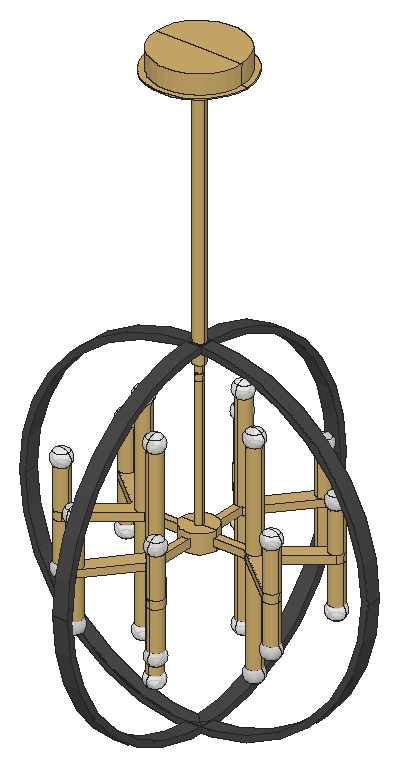
Revit family "Nero Pendant 3-684-xx", category Lighting Fixtures, host Ceiling, Revit 2020
Family settings
  Host = Ceiling
  Round Connector Dimension = Use Diameter
  Part Type = Normal
  OmniClass Number = 23.80.70.11
  OmniClass Title = Luminaries for Internal Lighting
  Always vertical = Yes
  Cut with Voids When Loaded = No
  Light Source = Yes
  Shared = No
  Room Calculation Point = No
Parameters (values of type "3-684-1540 / Black - Aged Brass")
  Wattage = 60.79 W
  built-in parameter 1150110 = 1 (stored number, unit not read)
  Voltage Input = "120 V or 277 V - 50/60 Hz"  # constant formula
  Voltage = 120 V
  URL = "www.oxygenlighting.com"
  Tilt Angle = 90.00°
  References = "Ref. 3 = 120 V / Ref. 37 = 277 V"  # constant formula
  Photometric Web File = "3-684-1540 Nero Pendant.ies"
  Model = "3-684-xx Nero Pendant"  # constant formula
  Metal Finish = 40 - Aged Brass
  built-in parameter 1114217 = 1 (stored number, unit not read)
  built-in parameter 1150109 = 1 (stored number, unit not read)
  Manufacturer = "Oxygen - Lighting & Fans"  # constant formula
  Lamp = ""
  Exterior Ring = 15 - Black
  Diffusers = White Frost Glass
  built-in parameter 1150134 = (empty or 0)
  built-in parameter 1150113 = 1 (stored number, unit not read)
  Lumens = 1294.83 lm
  built-in parameter 1150115 = 1 (stored number, unit not read)
  built-in parameter 1150105 = 103.04 (stored number, unit not read)
  built-in parameter 1150137 = (empty or 0)
  built-in parameter 1150139 = (empty or 0)
  built-in parameter 1150112 = 1 (stored number, unit not read)
  built-in parameter 1150114 = 1 (stored number, unit not read)
  built-in parameter 1150132 = (empty or 0)
  built-in parameter 1150102 = (empty or 0)
  built-in parameter 1150138 = (empty or 0)
  built-in parameter 1150107 = 3000 (stored number, unit not read)
  built-in parameter 1150106 = 1.0304 (stored number, unit not read)
  built-in parameter 1150104 = 1.9788 (stored number, unit not read)
  Dimming Lamp Color Temperature Shift = <None>
  Default Elevation = 0 mm
  Color Filter = 16777215
  built-in parameter 1114218 = 1 (stored number, unit not read)
  built-in parameter 1150133 = 10 (stored number, unit not read)
Reference planes
  plane 1 "Light Source Axis (F/B)": y = 0
  plane 2: z = 0
  plane 3 "Light Source Axis (L/R)": x = 0
  plane 4 "Ceiling": z = 4000
  plane 5 "Light Source Elevation": z = 3205
Dimensions and locks
  equal spacing: host sketch curve, plane 3 "Light Source Axis (L/R)", host sketch curve
  equal spacing: host sketch curve, plane 1 "Light Source Axis (F/B)", host sketch curve
  host sketch curve to host sketch curve = 4000 mm  (x2)
  plane 4 "Ceiling" to host ceiling = 0 mm
  locked: plane 5 "Light Source Elevation" to plane 4 "Ceiling" at 795
  aligned and locked: plane 3 "Light Source Axis (L/R)" to imposter light
  aligned and locked: plane 1 "Light Source Axis (F/B)" to imposter light
  aligned and locked: plane 5 "Light Source Elevation" to imposter light
  aligned and locked: plane 3 "Light Source Axis (L/R)" to nested 1
  aligned and locked: plane 1 "Light Source Axis (F/B)" to nested 1
  aligned and locked: plane 4 "Ceiling" to nested 1
Nested families
  nested 1: "Familia3" at (0, 0, 4000), type "Familia3"
Connectors
  electrical at (0, 0, 4000), driven by "Voltage"
    settings: on nested 1, index 1, voltage 120 V, apparent load 0 VA, apparent load phase1 0 VA, apparent load phase2 0 VA, apparent load phase3 0 VA, power factor 1, load classification "Other", number of poles 1, system type 31, power factor state 1, is connector primary yes, connector utility no, sub classification motor no, connector description ""
Definition of nested family "Familia3"
  Parameters (values of type "Familia3")
    Metal Finish = none
    Exterior ring = none
    Default Elevation = 0 mm
    Diffusers = none
  Reference planes
    plane 1 "Center (Front/Back)": y = 0
    plane 2: z = 0
    plane 3 "Center (Left/Right)": x = 0
    plane 4 "Axis": z = -765.353
    plane 5: z = -689.659
    plane 6: z = -841.048
    plane 7 "Center L/S": z = -591.353
    plane 8 "Center L/T": z = -939.353
  Forms (mm)
    Revolve 1, solid, material <- "Metal Finish"
      sketch origin (0, 0, 0) x (1, 0, 0) y (0, 0, 1)
        loop
          line (-75, 0) -> (-75, -33.42) -> (-85, -33.42) -> (-85, -35) -> (0, -35) -> (0, 0) -> (-75, 0)
        axis (0, 0) -> (0, -35)
      angle from 0 to 360
    Revolve 2, solid
      sketch origin (0, 0, 0) x (1, 0, 0) y (0, 0, 1)
        loop
          line (-16.386, -35) -> (-16.386, -40) -> (-12.929, -40) -> (-11.111, -41.818) -> (-11.111, -51.818) -> (-7.332, -51.818)
          arc (-7.332, -51.818) -> (-6.488, -53.15) -> (-5.156, -53.994) r 3.6
          line (-5.156, -53.994) -> (-5.156, -55.255) -> (-8.206, -55.255) -> (-8.206, -57.168) -> (-9.828, -57.168) -> (-9.828, -59.082) -> (0, -59.082) -> (0, -35) -> (-16.386, -35)
        axis (0, -35) -> (0, -59.082)
      angle from 0 to 360
    Revolve 3, solid, material <- "Metal Finish"
      sketch origin (0, 0, 0) x (1, 0, 0) y (0, 0, 1)
        loop
          line (9.828, -59.082) -> (0, -59.082) -> (0, -790.233) -> (7.734, -790.233) -> (7.734, -780.996) -> (30.022, -780.996) -> (30.022, -748.786) -> (5.756, -748.786) -> (5.756, -521.165) -> (6.583, -521.165) -> (6.583, -512.263) -> (5.386, -510.642) -> (6.583, -509.444) -> (6.583, -495.3) -> (9.828, -495.3) -> (9.828, -59.082)
        axis (0, -59.082) -> (0, -790.233)
      angle from 0 to 360
    Extrusion 4, solid, material <- "Exterior ring"
      sketch origin (0, 0, 0) x (1, 0, 0) y (0, 0, 1)
        loop
          circle (0, -765.353) r 305
        loop
          circle (0, -765.353) r 295
      from -12.5 to 12.5
    Revolve 5, solid, material <- "Metal Finish"
      sketch origin (86.875, 0, 0) x (1, 0, 0) y (0, 0, 1)
        loop
          line (-196.745, -591.353) -> (-196.745, -759.763) -> (-184.245, -759.763) -> (-184.245, -591.353) -> (-196.745, -591.353)
        axis (-184.245, -591.353) -> (-184.245, -759.763)
      angle from 0 to 360
    Revolve 6, solid, material <- "Diffusers"
      sketch origin (86.875, 0, 105.046) x (1, 0, 0) y (0, 0, 1)
        loop
          line (-196.745, -696.399) -> (-184.245, -696.399) -> (-184.245, -670.058)
          arc (-184.245, -670.058) -> (-190.99, -671.168) -> (-196.745, -674.856) r 16.922
          arc (-196.745, -674.856) -> (-201.284, -685.628) -> (-196.745, -696.399) r 15.052
        axis (-184.245, -696.399) -> (-184.245, -670.058)
      angle from 0 to 360
    Revolve 7, solid, material <- "Metal Finish"
      sketch origin (86.875, 0, -1530.707) x (1, 0, 0) y (0, 0, -1)
        loop
          line (-196.745, -591.353) -> (-196.745, -759.763) -> (-184.245, -759.763) -> (-184.245, -591.353) -> (-196.745, -591.353)
        axis (-184.245, -591.353) -> (-184.245, -759.763)
      angle from 0 to 360
    Revolve 8, solid, material <- "Diffusers"
      sketch origin (86.875, 0, -1635.753) x (1, 0, 0) y (0, 0, -1)
        loop
          line (-196.745, -696.399) -> (-184.245, -696.399) -> (-184.245, -670.058)
          arc (-184.245, -670.058) -> (-190.99, -671.168) -> (-196.745, -674.856) r 16.922
          arc (-196.745, -674.856) -> (-201.284, -685.628) -> (-196.745, -696.399) r 15.052
        axis (-184.245, -696.399) -> (-184.245, -670.058)
      angle from 0 to 360
    Revolve 9, solid, material <- "Metal Finish"
      sketch origin (0, 71.25, 0) x (1, 0, 0) y (0, 0, 1)
        loop
          line (-196.745, -689.659) -> (-196.745, -759.763) -> (-184.245, -759.763) -> (-184.245, -689.659) -> (-196.745, -689.659)
        axis (-184.245, -689.659) -> (-184.245, -759.763)
      angle from 0 to 360
    Revolve 10, solid, material <- "Diffusers"
      sketch origin (0, 71.25, 6.741) x (1, 0, 0) y (0, 0, 1)
        loop
          line (-196.745, -696.399) -> (-184.245, -696.399) -> (-184.245, -670.058)
          arc (-184.245, -670.058) -> (-190.99, -671.168) -> (-196.745, -674.856) r 16.922
          arc (-196.745, -674.856) -> (-201.284, -685.628) -> (-196.745, -696.399) r 15.052
        axis (-184.245, -696.399) -> (-184.245, -670.058)
      angle from 0 to 360
    Revolve 11, solid, material <- "Metal Finish"
      sketch origin (0, 71.25, -1530.707) x (1, 0, 0) y (0, 0, -1)
        loop
          line (-196.745, -689.659) -> (-196.745, -759.763) -> (-184.245, -759.763) -> (-184.245, -689.659) -> (-196.745, -689.659)
        axis (-184.245, -689.659) -> (-184.245, -759.763)
      angle from 0 to 360
    Revolve 12, solid, material <- "Diffusers"
      sketch origin (0, 71.25, -1537.447) x (1, 0, 0) y (0, 0, -1)
        loop
          line (-196.745, -696.399) -> (-184.245, -696.399) -> (-184.245, -670.058)
          arc (-184.245, -670.058) -> (-190.99, -671.168) -> (-196.745, -674.856) r 16.922
          arc (-196.745, -674.856) -> (-201.284, -685.628) -> (-196.745, -696.399) r 15.052
        axis (-184.245, -696.399) -> (-184.245, -670.058)
      angle from 0 to 360
    Revolve 13, solid, material <- "Metal Finish"
      sketch origin (0, -71.25, 0) x (1, 0, 0) y (0, 0, -1)
        loop
          line (-196.745, 689.659) -> (-184.245, 689.659) -> (-184.245, 759.763) -> (-196.745, 759.763) -> (-196.745, 689.659)
        axis (-184.245, 689.659) -> (-184.245, 759.763)
      angle from 0 to 360
    Revolve 14, solid, material <- "Diffusers"
      sketch origin (0, -71.25, 6.741) x (1, 0, 0) y (0, 0, -1)
        loop
          arc (-196.745, 696.399) -> (-201.284, 685.628) -> (-196.745, 674.856) r 15.052
          arc (-196.745, 674.856) -> (-190.99, 671.168) -> (-184.245, 670.058) r 16.922
          line (-184.245, 670.058) -> (-184.245, 696.399) -> (-196.745, 696.399)
        axis (-184.245, 696.399) -> (-184.245, 670.058)
      angle from 0 to 360
    Revolve 15, solid, material <- "Metal Finish"
      sketch origin (0, -71.25, -1530.707) x (1, 0, 0) y (0, 0, -1)
        loop
          line (-196.745, -689.659) -> (-196.745, -759.763) -> (-184.245, -759.763) -> (-184.245, -689.659) -> (-196.745, -689.659)
        axis (-184.245, -689.659) -> (-184.245, -759.763)
      angle from 0 to 360
    Revolve 16, solid, material <- "Diffusers"
      sketch origin (0, -71.25, -1537.447) x (1, 0, 0) y (0, 0, -1)
        loop
          line (-196.745, -696.399) -> (-184.245, -696.399) -> (-184.245, -670.058)
          arc (-184.245, -670.058) -> (-190.99, -671.168) -> (-196.745, -674.856) r 16.922
          arc (-196.745, -674.856) -> (-201.284, -685.628) -> (-196.745, -696.399) r 15.052
        axis (-184.245, -696.399) -> (-184.245, -670.058)
      angle from 0 to 360
    Extrusion 17, solid, material <- "Metal Finish"
      sketch origin (0, 0, -765.353) x (-1, 0, 0) y (0, -1, 0)
        loop
          arc (197.245, -71.25) -> (195.996, -65.691) -> (192.49, -61.199) r 13
          line (192.49, -61.199) -> (117.887, 0) -> (192.49, 61.199)
          arc (192.49, 61.199) -> (195.996, 65.691) -> (197.245, 71.25) r 13
          arc (197.245, 71.25) -> (189.805, 83.001) -> (176, 81.301) r 13
          line (176, 81.301) -> (88.516, 9.535)
          arc (88.516, 9.535) -> (87.196, 8.108) -> (86.102, 6.5) r 13
          line (86.102, 6.5) -> (15.042, 6.5)
          arc (15.042, 6.5) -> (16.046, 3.319) -> (16.386, 0) r 16.386
          arc (16.386, 0) -> (16.046, -3.319) -> (15.042, -6.5) r 16.386
          line (15.042, -6.5) -> (86.121, -6.5)
          arc (86.121, -6.5) -> (87.473, -8.412) -> (89.145, -10.051) r 13
          line (89.145, -10.051) -> (176, -81.301)
          arc (176, -81.301) -> (189.805, -83.001) -> (197.245, -71.25) r 13
      from -6.5 to 6.5
    Revolve 18, solid, material <- "Metal Finish"
      sketch origin (0, 86.875, 0) x (0, 1, 0) y (0, 0, 1)
        loop
          line (-196.745, -591.353) -> (-196.745, -759.763) -> (-184.245, -759.763) -> (-184.245, -591.353) -> (-196.745, -591.353)
        axis (-184.245, -591.353) -> (-184.245, -759.763)
      angle from 0 to 360
    Revolve 19, solid, material <- "Diffusers"
      sketch origin (0, 86.875, 105.046) x (0, 1, 0) y (0, 0, 1)
        loop
          line (-196.745, -696.399) -> (-184.245, -696.399) -> (-184.245, -670.058)
          arc (-184.245, -670.058) -> (-190.99, -671.168) -> (-196.745, -674.856) r 16.922
          arc (-196.745, -674.856) -> (-201.284, -685.628) -> (-196.745, -696.399) r 15.052
        axis (-184.245, -696.399) -> (-184.245, -670.058)
      angle from 0 to 360
    Revolve 20, solid, material <- "Metal Finish"
      sketch origin (0, 86.875, -1530.707) x (0, 1, 0) y (0, 0, 1)
        loop
          line (-196.745, 591.353) -> (-184.245, 591.353) -> (-184.245, 759.763) -> (-196.745, 759.763) -> (-196.745, 591.353)
        axis (-184.245, 591.353) -> (-184.245, 759.763)
      angle from 0 to 360
    Revolve 21, solid, material <- "Diffusers"
      sketch origin (0, 86.875, -1635.753) x (0, 1, 0) y (0, 0, 1)
        loop
          arc (-196.745, 696.399) -> (-201.284, 685.628) -> (-196.745, 674.856) r 15.052
          arc (-196.745, 674.856) -> (-190.99, 671.168) -> (-184.245, 670.058) r 16.922
          line (-184.245, 670.058) -> (-184.245, 696.399) -> (-196.745, 696.399)
        axis (-184.245, 696.399) -> (-184.245, 670.058)
      angle from 0 to 360
    Revolve 22, solid, material <- "Metal Finish"
      sketch origin (-71.25, 0, 0) x (0, 1, 0) y (0, 0, 1)
        loop
          line (-196.745, -689.659) -> (-196.745, -759.763) -> (-184.245, -759.763) -> (-184.245, -689.659) -> (-196.745, -689.659)
        axis (-184.245, -689.659) -> (-184.245, -759.763)
      angle from 0 to 360
    Revolve 23, solid, material <- "Diffusers"
      sketch origin (-71.25, 0, 6.741) x (0, 1, 0) y (0, 0, 1)
        loop
          line (-196.745, -696.399) -> (-184.245, -696.399) -> (-184.245, -670.058)
          arc (-184.245, -670.058) -> (-190.99, -671.168) -> (-196.745, -674.856) r 16.922
          arc (-196.745, -674.856) -> (-201.284, -685.628) -> (-196.745, -696.399) r 15.052
        axis (-184.245, -696.399) -> (-184.245, -670.058)
      angle from 0 to 360
    Revolve 24, solid, material <- "Metal Finish"
      sketch origin (-71.25, 0, -1530.707) x (0, 1, 0) y (0, 0, 1)
        loop
          line (-196.745, 689.659) -> (-184.245, 689.659) -> (-184.245, 759.763) -> (-196.745, 759.763) -> (-196.745, 689.659)
        axis (-184.245, 689.659) -> (-184.245, 759.763)
      angle from 0 to 360
    Revolve 25, solid, material <- "Diffusers"
      sketch origin (-71.25, 0, -1537.447) x (0, 1, 0) y (0, 0, 1)
        loop
          arc (-196.745, 696.399) -> (-201.284, 685.628) -> (-196.745, 674.856) r 15.052
          arc (-196.745, 674.856) -> (-190.99, 671.168) -> (-184.245, 670.058) r 16.922
          line (-184.245, 670.058) -> (-184.245, 696.399) -> (-196.745, 696.399)
        axis (-184.245, 696.399) -> (-184.245, 670.058)
      angle from 0 to 360
    Revolve 26, solid, material <- "Metal Finish"
      sketch origin (71.25, 0, 0) x (0, 1, 0) y (0, 0, -1)
        loop
          line (-196.745, 689.659) -> (-184.245, 689.659) -> (-184.245, 759.763) -> (-196.745, 759.763) -> (-196.745, 689.659)
        axis (-184.245, 689.659) -> (-184.245, 759.763)
      angle from 0 to 360
    Revolve 27, solid, material <- "Diffusers"
      sketch origin (71.25, 0, 6.741) x (0, 1, 0) y (0, 0, -1)
        loop
          arc (-196.745, 696.399) -> (-201.284, 685.628) -> (-196.745, 674.856) r 15.052
          arc (-196.745, 674.856) -> (-190.99, 671.168) -> (-184.245, 670.058) r 16.922
          line (-184.245, 670.058) -> (-184.245, 696.399) -> (-196.745, 696.399)
        axis (-184.245, 696.399) -> (-184.245, 670.058)
      angle from 0 to 360
    Revolve 28, solid, material <- "Metal Finish"
      sketch origin (71.25, 0, -1530.707) x (0, 1, 0) y (0, 0, -1)
        loop
          line (-196.745, -689.659) -> (-196.745, -759.763) -> (-184.245, -759.763) -> (-184.245, -689.659) -> (-196.745, -689.659)
        axis (-184.245, -689.659) -> (-184.245, -759.763)
      angle from 0 to 360
    Revolve 29, solid, material <- "Diffusers"
      sketch origin (71.25, 0, -1537.447) x (0, 1, 0) y (0, 0, -1)
        loop
          line (-196.745, -696.399) -> (-184.245, -696.399) -> (-184.245, -670.058)
          arc (-184.245, -670.058) -> (-190.99, -671.168) -> (-196.745, -674.856) r 16.922
          arc (-196.745, -674.856) -> (-201.284, -685.628) -> (-196.745, -696.399) r 15.052
        axis (-184.245, -696.399) -> (-184.245, -670.058)
      angle from 0 to 360
    Extrusion 30, solid, material <- "Metal Finish"
      sketch origin (0, 0, -765.353) x (0, -1, 0) y (1, 0, 0)
        loop
          arc (197.245, -71.25) -> (195.996, -65.691) -> (192.49, -61.199) r 13
          line (192.49, -61.199) -> (117.887, 0) -> (192.49, 61.199)
          arc (192.49, 61.199) -> (195.996, 65.691) -> (197.245, 71.25) r 13
          arc (197.245, 71.25) -> (189.805, 83.001) -> (176, 81.301) r 13
          line (176, 81.301) -> (88.516, 9.535)
          arc (88.516, 9.535) -> (87.196, 8.108) -> (86.102, 6.5) r 13
          line (86.102, 6.5) -> (15.042, 6.5)
          arc (15.042, 6.5) -> (16.046, 3.319) -> (16.386, 0) r 16.386
          arc (16.386, 0) -> (16.046, -3.319) -> (15.042, -6.5) r 16.386
          line (15.042, -6.5) -> (86.121, -6.5)
          arc (86.121, -6.5) -> (87.473, -8.412) -> (89.145, -10.051) r 13
          line (89.145, -10.051) -> (176, -81.301)
          arc (176, -81.301) -> (189.805, -83.001) -> (197.245, -71.25) r 13
      from -6.5 to 6.5
    Revolve 31, solid, material <- "Metal Finish"
      sketch origin (-86.875, 0, 0) x (-1, 0, 0) y (0, 0, 1)
        loop
          line (-196.745, -591.353) -> (-196.745, -759.763) -> (-184.245, -759.763) -> (-184.245, -591.353) -> (-196.745, -591.353)
        axis (-184.245, -591.353) -> (-184.245, -759.763)
      angle from 0 to 360
    Revolve 32, solid, material <- "Diffusers"
      sketch origin (-86.875, 0, 105.046) x (-1, 0, 0) y (0, 0, 1)
        loop
          line (-196.745, -696.399) -> (-184.245, -696.399) -> (-184.245, -670.058)
          arc (-184.245, -670.058) -> (-190.99, -671.168) -> (-196.745, -674.856) r 16.922
          arc (-196.745, -674.856) -> (-201.284, -685.628) -> (-196.745, -696.399) r 15.052
        axis (-184.245, -696.399) -> (-184.245, -670.058)
      angle from 0 to 360
    Revolve 33, solid, material <- "Metal Finish"
      sketch origin (-86.875, 0, -1530.707) x (-1, 0, 0) y (0, 0, 1)
        loop
          line (-196.745, 591.353) -> (-184.245, 591.353) -> (-184.245, 759.763) -> (-196.745, 759.763) -> (-196.745, 591.353)
        axis (-184.245, 591.353) -> (-184.245, 759.763)
      angle from 0 to 360
    Revolve 34, solid, material <- "Diffusers"
      sketch origin (-86.875, 0, -1635.753) x (-1, 0, 0) y (0, 0, 1)
        loop
          arc (-196.745, 696.399) -> (-201.284, 685.628) -> (-196.745, 674.856) r 15.052
          arc (-196.745, 674.856) -> (-190.99, 671.168) -> (-184.245, 670.058) r 16.922
          line (-184.245, 670.058) -> (-184.245, 696.399) -> (-196.745, 696.399)
        axis (-184.245, 696.399) -> (-184.245, 670.058)
      angle from 0 to 360
    Revolve 35, solid, material <- "Metal Finish"
      sketch origin (0, -71.25, 0) x (-1, 0, 0) y (0, 0, 1)
        loop
          line (-196.745, -689.659) -> (-196.745, -759.763) -> (-184.245, -759.763) -> (-184.245, -689.659) -> (-196.745, -689.659)
        axis (-184.245, -689.659) -> (-184.245, -759.763)
      angle from 0 to 360
    Revolve 36, solid, material <- "Diffusers"
      sketch origin (0, -71.25, 6.741) x (-1, 0, 0) y (0, 0, 1)
        loop
          line (-196.745, -696.399) -> (-184.245, -696.399) -> (-184.245, -670.058)
          arc (-184.245, -670.058) -> (-190.99, -671.168) -> (-196.745, -674.856) r 16.922
          arc (-196.745, -674.856) -> (-201.284, -685.628) -> (-196.745, -696.399) r 15.052
        axis (-184.245, -696.399) -> (-184.245, -670.058)
      angle from 0 to 360
    Revolve 37, solid, material <- "Metal Finish"
      sketch origin (0, -71.25, -1530.707) x (-1, 0, 0) y (0, 0, 1)
        loop
          line (-196.745, 689.659) -> (-184.245, 689.659) -> (-184.245, 759.763) -> (-196.745, 759.763) -> (-196.745, 689.659)
        axis (-184.245, 689.659) -> (-184.245, 759.763)
      angle from 0 to 360
    Revolve 38, solid, material <- "Diffusers"
      sketch origin (0, -71.25, -1537.447) x (-1, 0, 0) y (0, 0, 1)
        loop
          arc (-196.745, 696.399) -> (-201.284, 685.628) -> (-196.745, 674.856) r 15.052
          arc (-196.745, 674.856) -> (-190.99, 671.168) -> (-184.245, 670.058) r 16.922
          line (-184.245, 670.058) -> (-184.245, 696.399) -> (-196.745, 696.399)
        axis (-184.245, 696.399) -> (-184.245, 670.058)
      angle from 0 to 360
    Revolve 39, solid, material <- "Metal Finish"
      sketch origin (0, 71.25, 0) x (-1, 0, 0) y (0, 0, -1)
        loop
          line (-196.745, 689.659) -> (-184.245, 689.659) -> (-184.245, 759.763) -> (-196.745, 759.763) -> (-196.745, 689.659)
        axis (-184.245, 689.659) -> (-184.245, 759.763)
      angle from 0 to 360
    Revolve 40, solid, material <- "Diffusers"
      sketch origin (0, 71.25, 6.741) x (-1, 0, 0) y (0, 0, -1)
        loop
          arc (-196.745, 696.399) -> (-201.284, 685.628) -> (-196.745, 674.856) r 15.052
          arc (-196.745, 674.856) -> (-190.99, 671.168) -> (-184.245, 670.058) r 16.922
          line (-184.245, 670.058) -> (-184.245, 696.399) -> (-196.745, 696.399)
        axis (-184.245, 696.399) -> (-184.245, 670.058)
      angle from 0 to 360
    Revolve 41, solid, material <- "Metal Finish"
      sketch origin (0, 71.25, -1530.707) x (-1, 0, 0) y (0, 0, -1)
        loop
          line (-196.745, -689.659) -> (-196.745, -759.763) -> (-184.245, -759.763) -> (-184.245, -689.659) -> (-196.745, -689.659)
        axis (-184.245, -689.659) -> (-184.245, -759.763)
      angle from 0 to 360
    Revolve 42, solid, material <- "Diffusers"
      sketch origin (0, 71.25, -1537.447) x (-1, 0, 0) y (0, 0, -1)
        loop
          line (-196.745, -696.399) -> (-184.245, -696.399) -> (-184.245, -670.058)
          arc (-184.245, -670.058) -> (-190.99, -671.168) -> (-196.745, -674.856) r 16.922
          arc (-196.745, -674.856) -> (-201.284, -685.628) -> (-196.745, -696.399) r 15.052
        axis (-184.245, -696.399) -> (-184.245, -670.058)
      angle from 0 to 360
    Extrusion 43, solid, material <- "Metal Finish"
      sketch origin (0, 0, -765.353) x (1, 0, 0) y (0, 1, 0)
        loop
          arc (197.245, -71.25) -> (195.996, -65.691) -> (192.49, -61.199) r 13
          line (192.49, -61.199) -> (117.887, 0) -> (192.49, 61.199)
          arc (192.49, 61.199) -> (195.996, 65.691) -> (197.245, 71.25) r 13
          arc (197.245, 71.25) -> (189.805, 83.001) -> (176, 81.301) r 13
          line (176, 81.301) -> (88.516, 9.535)
          arc (88.516, 9.535) -> (87.196, 8.108) -> (86.102, 6.5) r 13
          line (86.102, 6.5) -> (15.042, 6.5)
          arc (15.042, 6.5) -> (16.046, 3.319) -> (16.386, 0) r 16.386
          arc (16.386, 0) -> (16.046, -3.319) -> (15.042, -6.5) r 16.386
          line (15.042, -6.5) -> (86.121, -6.5)
          arc (86.121, -6.5) -> (87.473, -8.412) -> (89.145, -10.051) r 13
          line (89.145, -10.051) -> (176, -81.301)
          arc (176, -81.301) -> (189.805, -83.001) -> (197.245, -71.25) r 13
      from -6.5 to 6.5
    Revolve 44, solid, material <- "Metal Finish"
      sketch origin (0, -86.875, 0) x (0, -1, 0) y (0, 0, 1)
        loop
          line (-196.745, -591.353) -> (-196.745, -759.763) -> (-184.245, -759.763) -> (-184.245, -591.353) -> (-196.745, -591.353)
        axis (-184.245, -591.353) -> (-184.245, -759.763)
      angle from 0 to 360
    Revolve 45, solid, material <- "Diffusers"
      sketch origin (0, -86.875, 105.046) x (0, -1, 0) y (0, 0, 1)
        loop
          line (-196.745, -696.399) -> (-184.245, -696.399) -> (-184.245, -670.058)
          arc (-184.245, -670.058) -> (-190.99, -671.168) -> (-196.745, -674.856) r 16.922
          arc (-196.745, -674.856) -> (-201.284, -685.628) -> (-196.745, -696.399) r 15.052
        axis (-184.245, -696.399) -> (-184.245, -670.058)
      angle from 0 to 360
    Revolve 46, solid, material <- "Metal Finish"
      sketch origin (0, -86.875, -1530.707) x (0, -1, 0) y (0, 0, 1)
        loop
          line (-196.745, 591.353) -> (-184.245, 591.353) -> (-184.245, 759.763) -> (-196.745, 759.763) -> (-196.745, 591.353)
        axis (-184.245, 591.353) -> (-184.245, 759.763)
      angle from 0 to 360
    Revolve 47, solid, material <- "Diffusers"
      sketch origin (0, -86.875, -1635.753) x (0, -1, 0) y (0, 0, 1)
        loop
          arc (-196.745, 696.399) -> (-201.284, 685.628) -> (-196.745, 674.856) r 15.052
          arc (-196.745, 674.856) -> (-190.99, 671.168) -> (-184.245, 670.058) r 16.922
          line (-184.245, 670.058) -> (-184.245, 696.399) -> (-196.745, 696.399)
        axis (-184.245, 696.399) -> (-184.245, 670.058)
      angle from 0 to 360
    Revolve 48, solid, material <- "Metal Finish"
      sketch origin (71.25, 0, 0) x (0, -1, 0) y (0, 0, 1)
        loop
          line (-196.745, -689.659) -> (-196.745, -759.763) -> (-184.245, -759.763) -> (-184.245, -689.659) -> (-196.745, -689.659)
        axis (-184.245, -689.659) -> (-184.245, -759.763)
      angle from 0 to 360
    Revolve 49, solid, material <- "Diffusers"
      sketch origin (71.25, 0, 6.741) x (0, -1, 0) y (0, 0, 1)
        loop
          line (-196.745, -696.399) -> (-184.245, -696.399) -> (-184.245, -670.058)
          arc (-184.245, -670.058) -> (-190.99, -671.168) -> (-196.745, -674.856) r 16.922
          arc (-196.745, -674.856) -> (-201.284, -685.628) -> (-196.745, -696.399) r 15.052
        axis (-184.245, -696.399) -> (-184.245, -670.058)
      angle from 0 to 360
    Revolve 50, solid, material <- "Metal Finish"
      sketch origin (71.25, 0, -1530.707) x (0, -1, 0) y (0, 0, 1)
        loop
          line (-196.745, 689.659) -> (-184.245, 689.659) -> (-184.245, 759.763) -> (-196.745, 759.763) -> (-196.745, 689.659)
        axis (-184.245, 689.659) -> (-184.245, 759.763)
      angle from 0 to 360
    Revolve 51, solid, material <- "Diffusers"
      sketch origin (71.25, 0, -1537.447) x (0, -1, 0) y (0, 0, 1)
        loop
          arc (-196.745, 696.399) -> (-201.284, 685.628) -> (-196.745, 674.856) r 15.052
          arc (-196.745, 674.856) -> (-190.99, 671.168) -> (-184.245, 670.058) r 16.922
          line (-184.245, 670.058) -> (-184.245, 696.399) -> (-196.745, 696.399)
        axis (-184.245, 696.399) -> (-184.245, 670.058)
      angle from 0 to 360
    Revolve 52, solid, material <- "Metal Finish"
      sketch origin (-71.25, 0, 0) x (0, -1, 0) y (0, 0, -1)
        loop
          line (-196.745, 689.659) -> (-184.245, 689.659) -> (-184.245, 759.763) -> (-196.745, 759.763) -> (-196.745, 689.659)
        axis (-184.245, 689.659) -> (-184.245, 759.763)
      angle from 0 to 360
    Revolve 53, solid, material <- "Diffusers"
      sketch origin (-71.25, 0, 6.741) x (0, -1, 0) y (0, 0, -1)
        loop
          arc (-196.745, 696.399) -> (-201.284, 685.628) -> (-196.745, 674.856) r 15.052
          arc (-196.745, 674.856) -> (-190.99, 671.168) -> (-184.245, 670.058) r 16.922
          line (-184.245, 670.058) -> (-184.245, 696.399) -> (-196.745, 696.399)
        axis (-184.245, 696.399) -> (-184.245, 670.058)
      angle from 0 to 360
    Revolve 54, solid, material <- "Metal Finish"
      sketch origin (-71.25, 0, -1530.707) x (0, -1, 0) y (0, 0, -1)
        loop
          line (-196.745, -689.659) -> (-196.745, -759.763) -> (-184.245, -759.763) -> (-184.245, -689.659) -> (-196.745, -689.659)
        axis (-184.245, -689.659) -> (-184.245, -759.763)
      angle from 0 to 360
    Revolve 55, solid, material <- "Diffusers"
      sketch origin (-71.25, 0, -1537.447) x (0, -1, 0) y (0, 0, -1)
        loop
          line (-196.745, -696.399) -> (-184.245, -696.399) -> (-184.245, -670.058)
          arc (-184.245, -670.058) -> (-190.99, -671.168) -> (-196.745, -674.856) r 16.922
          arc (-196.745, -674.856) -> (-201.284, -685.628) -> (-196.745, -696.399) r 15.052
        axis (-184.245, -696.399) -> (-184.245, -670.058)
      angle from 0 to 360
    Extrusion 56, solid, material <- "Metal Finish"
      sketch origin (0, 0, -765.353) x (0, 1, 0) y (-1, 0, 0)
        loop
          arc (197.245, -71.25) -> (195.996, -65.691) -> (192.49, -61.199) r 13
          line (192.49, -61.199) -> (117.887, 0) -> (192.49, 61.199)
          arc (192.49, 61.199) -> (195.996, 65.691) -> (197.245, 71.25) r 13
          arc (197.245, 71.25) -> (189.805, 83.001) -> (176, 81.301) r 13
          line (176, 81.301) -> (88.516, 9.535)
          arc (88.516, 9.535) -> (87.196, 8.108) -> (86.102, 6.5) r 13
          line (86.102, 6.5) -> (15.042, 6.5)
          arc (15.042, 6.5) -> (16.046, 3.319) -> (16.386, 0) r 16.386
          arc (16.386, 0) -> (16.046, -3.319) -> (15.042, -6.5) r 16.386
          line (15.042, -6.5) -> (86.121, -6.5)
          arc (86.121, -6.5) -> (87.473, -8.412) -> (89.145, -10.051) r 13
          line (89.145, -10.051) -> (176, -81.301)
          arc (176, -81.301) -> (189.805, -83.001) -> (197.245, -71.25) r 13
      from -6.5 to 6.5
    Extrusion 57, solid, material <- "Exterior ring"
      sketch origin (0, 0, 0) x (0, 1, 0) y (0, 0, 1)
        loop
          circle (0, -765.353) r 305
        loop
          circle (0, -765.353) r 295
      from -12.5 to 12.5
  Cuts and joins
    joined: Revolve 5, Revolve 7, Revolve 9, Revolve 11, Revolve 15, Extrusion 17, Extrusion 30, Extrusion 43, Extrusion 56
  Dimensions and locks
    Revolve 13 to plane 4 "Axis" = 75.694 mm
    aligned and locked: level to plane 2
